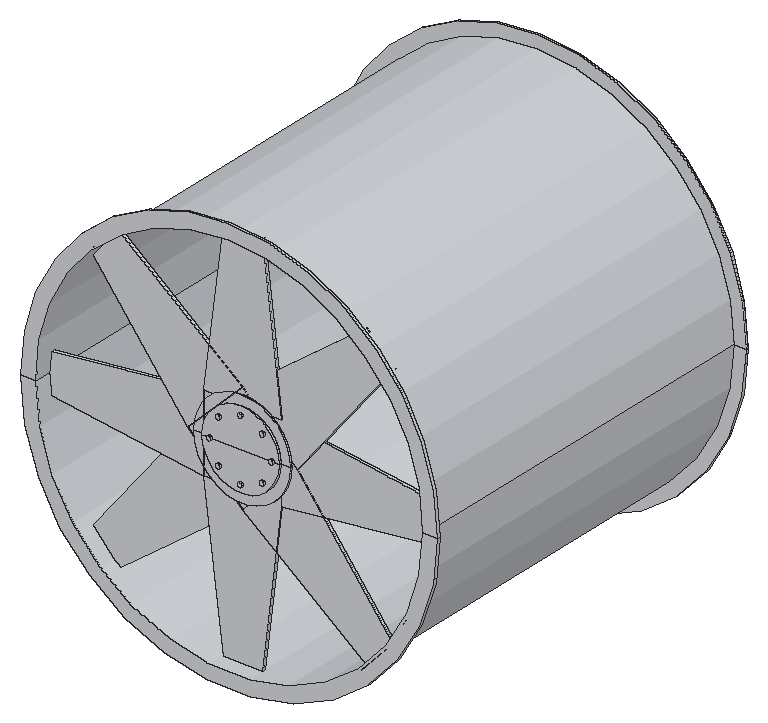
Revit family "CADS_Vent-Axia_MechEquip_Fan_BIFA_900_3Ph4P - SUPPLY", category Mechanical Equipment, Revit 2020
Family settings
  Round Connector Dimension = Use Diameter
  Part Type = Normal
  OmniClass Number = 23.75.00.00
  OmniClass Title = Climate Control (HVAC)
  Work Plane-Based = No
  Always vertical = Yes
  Cut with Voids When Loaded = No
  Shared = No
  Room Calculation Point = No
Parameters (values of type "BIFA903440")
  WorkingPressure = 0.0 Pa
  WarrantyStartDate [instance] = "1900-12-31T23:59:59"
  WarrantyPeriod = ""
  WarrantyIdentifier = "N/A"
  WarrantyGuarantorParts = "tech@vent-axia.com"
  WarrantyGuarantorLabor = "tech@vent-axia.com"
  WarrantyGuarantor = "Vent-Axia Limited"
  WarrantyEndDate [instance] = "1900-12-31T23:59:59"
  WarrantyContent = ""
  TemperatureRange = ""
  TagNumber [instance] = "N/A"
  SustainabilityPerformance = ""
  Status = "New"
  Size = ""
  Shape = ""
  ServiceLifeType = ""
  ServiceLifeDuration = ""
  SerialNumber [instance] = "N/A"
  ReplacementCost = ""
  RatedVoltage = 0 V
  RatedCurrent = 0 A
  Quantity = 1
  ProductionYear = ""
  PressureCurve = ""
  PowerFactor = ""
  PointOfContact = ""
  NumberOfPoles = 0
  NominalWidth = 900 mm
  NominalLength = 900 mm
  NominalHeight = 900 mm
  NominalFrequencyRange = ""
  NominalDiameter = 900 mm
  ModelReference = "BIF 900MM 3PH 4P 40DEG"
  ModelNumber = "BIFA903440"
  Material = ""
  ManufacturerE-Mail = "tech@vent-axia.com"
  ManufacturerAddress = "Fleming Way\nCrawley \nRH10 9YX"
  IsExtendedWarranty = no
  InsulationStandardClass = ""
  InstallationDate [instance] = "1900-12-31T23:59:59"
  IfcExportType [instance] = ""
  IfcExportAs = "IfcFanType"
  IP_Code = ""
  HasProtectiveEarth = no
  GrossWeight = 0.00 kg
  Grade = ""
  GlobalTradeItemNumber [instance] = "N/A"
  Fitting Type = "Ignore"
  Finish = ""
  Features = ""
  ExteriorInsulation = no
  ExpectedServiceLife = 0
  Exclusions = ""
  DurationUnit = "Year"
  Default Elevation = 0 mm
  Constituents = ""
  ConductorFunction = ""
  Color = ""
  CodePerformance = ""
  Category = ""
  CADS_Usage = 0
  CADS_Index = 0
  AssetType = "FIXED"
  AssetIdentifier [instance] = "N/A"
  AssemblyPlace = "UNKNOWN"
  ArticleNumber [instance] = "N/A"
  AirflowRateRange = 0.0 L/s
  Air Flow [instance] = 0.0 L/s
  AccessibilityPerformance = ""
Types (16, lengths in mm): name | ModelReference | ModelNumber
  BIFA903410 | "BIF 900MM 3PH 4P 10DEG" | "BIFA903410"
  BIFA903412 | "BIF 900MM 3PH 4P 12DEG" | "BIFA903412"
  BIFA903414 | "BIF 900MM 3PH 4P 14DEG" | "BIFA903414"
  BIFA903416 | "BIF 900MM 3PH 4P 16DEG" | "BIFA903416"
  BIFA903418 | "BIF 900MM 3PH 4P 18DEG" | "BIFA903418"
  BIFA903420 | "BIF 900MM 3PH 4P 20DEG" | "BIFA903420"
  BIFA903422 | "BIF 900MM 3PH 4P 22DEG" | "BIFA903422"
  BIFA903424 | "BIF 900MM 3PH 4P 24DEG" | "BIFA903424"
  BIFA903426 | "BIF 900MM 3PH 4P 26DEG" | "BIFA903426"
  BIFA903428 | "BIF 900MM 3PH 4P 28DEG" | "BIFA903428"
  BIFA903430 | "BIF 900MM 3PH 4P 30DEG" | "BIFA903430"
  BIFA903432 | "BIF 900MM 3PH 4P 32DEG" | "BIFA903432"
  BIFA903434 | "BIF 900MM 3PH 4P 34DEG" | "BIFA903434"
  BIFA903436 | "BIF 900MM 3PH 4P 36DEG" | "BIFA903436"
  BIFA903438 | "BIF 900MM 3PH 4P 38DEG" | "BIFA903438"
  BIFA903440 | "BIF 900MM 3PH 4P 40DEG" | "BIFA903440"
Reference planes
  plane 1 "Center (Front/Back)": y = 0
  plane 2: z = 0
  plane 3 "Center (Left/Right)": x = 0
  plane 4: x = -450
  plane 5: x = 450
  plane 6 "F": y = -450
  plane 7 "B": y = 450
  plane 8: x = -485
  plane 9: y = 445
  plane 10: y = -445
  plane 11: x = -455
  plane 12: y = -410
Forms (mm)
  Revolve 1, solid
    sketch origin (0, 0, 0) x (1, 0, 0) y (0, 1, 0)
      loop
        line (-485, -450) -> (-450, -450) -> (-450, 450) -> (-485, 450) -> (-485, 445) -> (-455, 445) -> (-455, -445) -> (-485, -445) -> (-485, -450)
      axis (0, 450) -> (0, -450)
    angle from 0 to 360
Dimensions and locks
  equal spacing: plane 4, plane 3 "Center (Left/Right)", plane 5
  equal spacing: plane 7 "B", plane 1 "Center (Front/Back)", plane 6 "F"
  "NominalLength": plane 7 "B" to plane 6 "F"
  "NominalDiameter": plane 4 to plane 5
  locked: plane 11 to plane 4 at 5
  locked: plane 8 to plane 11 at 30
  locked: plane 6 "F" to plane 10 at 5
  locked: plane 7 "B" to plane 9 at 5
  locked: plane 6 "F" to plane 12 at 40
  aligned and locked: level to plane 2
  aligned and locked: nested 1 to plane 12
Automatic sketch dimensions
  plane 6 "F" to Revolve 1 sketch curve = 0 mm
  Revolve 1 sketch curve to plane 8 = 0 mm  (x2)
  plane 10 to Revolve 1 sketch curve = 0 mm
  Revolve 1 sketch curve to plane 11 = 0 mm
  Revolve 1 sketch curve to plane 4 = 0 mm
  Revolve 1 sketch curve to plane 3 "Center (Left/Right)" = 0 mm
  plane 1 "Center (Front/Back)" to Revolve 1 sketch curve = 0 mm
  Revolve 1 sketch curve to plane 9 = 0 mm
  Revolve 1 sketch curve to plane 7 "B" = 0 mm
  plane 6 "F" to Revolve 1 sketch curve = 115 mm
Nested families
  nested 1: "Fan for BIFA" at (0, -410, 0), ND <- "NominalDiameter", type "Fan for BIFA"
    with hub 90 mm, ND 900 mm, BoltPCD 72 mm, Bolt Count 8, B_Diam 10 mm
  nested 2: "Bolts" at (0, -419.172, -72) x (-1, 0, 0) z (0, 1, 0), type "Bolts"
    with bd 10 mm
  nested 3: "Bolts" at (-50.912, -419.172, -50.912) x (-0.7071, 0, 0.7071) z (0, 1, 0), type "Bolts"
    with bd 10 mm
  nested 4: "Bolts" at (-72, -419.172, 0) x (0, 0, 1) z (0, 1, 0), type "Bolts"
    with bd 10 mm
  nested 5: "Bolts" at (-50.912, -419.172, 50.912) x (0.7071, 0, 0.7071) z (0, 1, 0), type "Bolts"
    with bd 10 mm
  nested 6: "Bolts" at (50.912, -419.172, 50.912) x (0.7071, 0, -0.7071) z (0, 1, 0), type "Bolts"
    with bd 10 mm
  nested 7: "Bolts" at (0, -419.172, 72) x (1, 0, 0) z (0, 1, 0), type "Bolts"
    with bd 10 mm
  nested 8: "BIFA Blade" at (0, -410, 0), type "BIFA Blade"
    with a 20.00°, HR 90 mm, HD 180 mm, BT 90 mm, BR 360 mm, BH 40 mm, BD 900 mm, BB 180 mm
  nested 9: "BIFA Blade" at (0, -410, 0) x (0.7071, 0, -0.7071) z (0.7071, 0, 0.7071), type "BIFA Blade"
    with a 20.00°, HR 90 mm, HD 180 mm, BT 90 mm, BR 360 mm, BH 40 mm, BD 900 mm, BB 180 mm
  nested 10: "BIFA Blade" at (0, -410, 0) x (0, 0, -1) z (1, 0, 0), type "BIFA Blade"
    with a 20.00°, HR 90 mm, HD 180 mm, BT 90 mm, BR 360 mm, BH 40 mm, BD 900 mm, BB 180 mm
  nested 11: "BIFA Blade" at (0, -410, 0) x (-0.7071, 0, -0.7071) z (0.7071, 0, -0.7071), type "BIFA Blade"
    with a 20.00°, HR 90 mm, HD 180 mm, BT 90 mm, BR 360 mm, BH 40 mm, BD 900 mm, BB 180 mm
  nested 12: "BIFA Blade" at (0, -410, 0) x (-1, 0, 0) z (0, 0, -1), type "BIFA Blade"
    with a 20.00°, HR 90 mm, HD 180 mm, BT 90 mm, BR 360 mm, BH 40 mm, BD 900 mm, BB 180 mm
  nested 13: "BIFA Blade" at (0, -410, 0) x (-0.7071, 0, -0.7071) z (-0.7071, 0, 0.7071), type "BIFA Blade"
    with a 20.00°, HR 90 mm, HD 180 mm, BT 90 mm, BR 360 mm, BH 40 mm, BD 900 mm, BB 180 mm
  nested 14: "BIFA Blade" at (0, -410, 0) x (0, 0, -1) z (-1, 0, 0), type "BIFA Blade"
    with a 20.00°, HR 90 mm, HD 180 mm, BT 90 mm, BR 360 mm, BH 40 mm, BD 900 mm, BB 180 mm
  nested 15: "BIFA Blade" at (0, -410, 0) x (0.7071, 0, -0.7071) z (-0.7071, 0, -0.7071), type "BIFA Blade"
    with a 20.00°, HR 90 mm, HD 180 mm, BT 90 mm, BR 360 mm, BH 40 mm, BD 900 mm, BB 180 mm
  nested 16: "Bolts" at (72, -419.172, 0) x (0, 0, -1) z (0, 1, 0), type "Bolts"
    with bd 10 mm
  nested 17: "Bolts" at (50.912, -419.172, -50.912) x (-0.7071, 0, -0.7071) z (0, 1, 0), type "Bolts"
    with bd 10 mm
Connectors
  hvac at (0, -450, 0), driven by "NominalDiameter", driven by "Air Flow"
    settings: on Revolve 1, index 1, duct flow 0.0 L/s, flow factor 0, pres drop 0.0 Pa, loss coef 0, conn angle 0.00°, conn width 304.8 mm, conn height 304.8 mm, conn diameter 900 mm, duct sys type 1, conn prof type 0, flow config 1, flow direction 1, loss method 0, conn ref index -1, conn util no, is conn primary yes, conn desc ""
  hvac at (0, 450, 0), driven by "NominalDiameter", driven by "Air Flow"
    settings: on Revolve 1, index 2, duct flow 0.0 L/s, flow factor 0, pres drop 0.0 Pa, loss coef 0, conn angle 0.00°, conn width 304.8 mm, conn height 304.8 mm, conn diameter 900 mm, duct sys type 1, conn prof type 0, flow config 0, flow direction 2, loss method 0, conn ref index -1, conn util no, is conn primary no, conn desc ""
Definition of nested family "Fan for BIFA"
  Parameters (values of type "Fan for BIFA")
    hub [instance] = ND / 10  # 50 mm
    ND [instance] = 500 mm
    Model = "."
    Default Elevation = 0 mm
    BoltPCD [instance] = hub - (hub * 0.2)  # 40 mm
    Bolt Count [instance] = if(hub < 50 mm, 6, 8)  # 8
    B_Diam [instance] = if(hub < 50 mm, 5 mm, 10 mm)  # 10 mm
  Reference planes
    plane 1 "Center (Front/Back)": y = 0
    plane 2: z = 0
    plane 3 "Center (Left/Right)": x = 0
    plane 4 "back": y = 20
    plane 5 "bolts": y = -9.172
    plane 6 "B": z = 50
    plane 7: x = -72.587
    plane 8: x = -50
    plane 9 "hubface": y = -6.172
  Forms (mm)
    Revolve 1, solid
      sketch origin (0, 0, 0) x (1, 0, 0) y (0, 1, 0)
        loop
          line (0, 20) -> (-50, 20) -> (-50, 10.504) -> (-72.587, 10.504) -> (-72.587, -2.597) -> (-50, -2.597) -> (-50, -6.172) -> (0, -6.172) -> (0, 20)
        axis (0, 20) -> (0, -6.172)
      angle from 0 to 360
    Extrusion 2, solid, not visible
      sketch origin (0, -6.347, -4) x (-1, 0, 0) y (0, 0, 1)
        loop
          circle (0, 84) r 5
      from 0 to 3
  Lines and regions (mm)
    symbolic lines
      curve 1: circle (0, -9.172, 0) r 40 normal (0, 1, 0)
    model lines, not visible
      curve 2: line (0, -6.347, 85) -> (0, -6.347, 75)
  Dimensions and locks
    "hub": plane 6 "B" to plane 2
    "hub": nested 3 to plane 3 "Center (Left/Right)"
    "hub": nested 4 to plane 3 "Center (Left/Right)"
    "hub": nested 5 to plane 3 "Center (Left/Right)"
    "hub": plane 3 "Center (Left/Right)" to nested 6
    "hub": Revolve 1 sketch curve to Revolve 1 sketch curve
    "hub": plane 3 "Center (Left/Right)" to nested 7
    "hub": plane 3 "Center (Left/Right)" to nested 8
    "hub": plane 3 "Center (Left/Right)" to nested 9
    "hub": plane 8 to plane 3 "Center (Left/Right)"
    plane 7 to plane 8 = 22.587 mm
    diameter of Extrusion 2 sketch curve = 10 mm
    "BoltPCD": radius of curve 1
    "BoltPCD": radius of radial array
    aligned and locked: level to plane 2
    aligned and locked: plane 6 "B" to nested 1
  Automatic sketch dimensions
    Revolve 1 sketch curve to plane 7 = 0 mm
    Revolve 1 sketch curve to plane 8 = 0 mm  (x2)
    Revolve 1 sketch curve to plane 3 "Center (Left/Right)" = 0 mm
    Revolve 1 sketch curve to plane 9 "hubface" = 0 mm
    plane 4 "back" to Revolve 1 sketch curve = 0 mm
    plane 1 "Center (Front/Back)" to Revolve 1 sketch curve = 2.597 mm
    plane 4 "back" to Revolve 1 sketch curve = 9.496 mm
    plane 4 "back" to Revolve 1 sketch curve = 5 mm
    Revolve 1 sketch curve to Revolve 1 sketch curve = 45 mm
    curve 1 to level = 0 mm
    curve 1 to plane 3 "Center (Left/Right)" = 0 mm
  Nested families
    nested 1: "BIFA Blade" at (0, 0, 25), BD <- "ND", HD <- "hub", type "BIFA Blade"
      with a 20.00°, HR 25 mm, HD 50 mm, BT 25 mm, BR 100 mm, BH 40 mm, BD 250 mm, BB 50 mm
    nested 2: "BIFA Blade" at (0, 0, 55), BD <- "ND", HD <- "hub", type "BIFA Blade", not visible
      with a 20.00°, HR 25 mm, HD 50 mm, BT 25 mm, BR 100 mm, BH 40 mm, BD 250 mm, BB 50 mm
    nested 3: "BIFA Blade" at (17.678, 0, 17.678) x (0.7071, 0, -0.7071) z (0.7071, 0, 0.7071), BD <- "ND", HD <- "hub", type "BIFA Blade"
      with a 20.00°, HR 25 mm, HD 50 mm, BT 25 mm, BR 100 mm, BH 40 mm, BD 250 mm, BB 50 mm
    nested 4: "BIFA Blade" at (25, 0, 0) x (0, 0, -1) z (1, 0, 0), BD <- "ND", HD <- "hub", type "BIFA Blade"
      with a 20.00°, HR 25 mm, HD 50 mm, BT 25 mm, BR 100 mm, BH 40 mm, BD 250 mm, BB 50 mm
    nested 5: "BIFA Blade" at (17.678, 0, -17.678) x (-0.7071, 0, -0.7071) z (0.7071, 0, -0.7071), BD <- "ND", HD <- "hub", type "BIFA Blade"
      with a 20.00°, HR 25 mm, HD 50 mm, BT 25 mm, BR 100 mm, BH 40 mm, BD 250 mm, BB 50 mm
    nested 6: "BIFA Blade" at (0, 0, -25) x (-1, 0, 0) z (0, 0, -1), BD <- "ND", HD <- "hub", type "BIFA Blade"
      with a 20.00°, HR 25 mm, HD 50 mm, BT 25 mm, BR 100 mm, BH 40 mm, BD 250 mm, BB 50 mm
    nested 7: "BIFA Blade" at (-17.678, 0, 17.678) x (-0.7071, 0, -0.7071) z (-0.7071, 0, 0.7071), BD <- "ND", HD <- "hub", type "BIFA Blade"
      with a 20.00°, HR 25 mm, HD 50 mm, BT 25 mm, BR 100 mm, BH 40 mm, BD 250 mm, BB 50 mm
    nested 8: "BIFA Blade" at (-25, 0, 0) x (0, 0, -1) z (-1, 0, 0), BD <- "ND", HD <- "hub", type "BIFA Blade"
      with a 20.00°, HR 25 mm, HD 50 mm, BT 25 mm, BR 100 mm, BH 40 mm, BD 250 mm, BB 50 mm
    nested 9: "BIFA Blade" at (-17.678, 0, -17.678) x (0.7071, 0, -0.7071) z (-0.7071, 0, -0.7071), BD <- "ND", HD <- "hub", type "BIFA Blade"
      with a 20.00°, HR 25 mm, HD 50 mm, BT 25 mm, BR 100 mm, BH 40 mm, BD 250 mm, BB 50 mm
    nested 10: "Bolts" at (0, -9.172, 40) x (1, 0, 0) z (0, 1, 0), bd <- "B_Diam", type "Bolts"
      with bd 10 mm
    nested 11: "Bolts" at (28.284, -9.172, 28.284) x (0.7071, 0, -0.7071) z (0, 1, 0), bd <- "B_Diam", type "Bolts"
      with bd 10 mm
    nested 12: "Bolts" at (-28.284, -9.172, 28.284) x (0.7071, 0, 0.7071) z (0, 1, 0), bd <- "B_Diam", type "Bolts"
      with bd 10 mm
    nested 13: "Bolts" at (-40, -9.172, 0) x (0, 0, 1) z (0, 1, 0), bd <- "B_Diam", type "Bolts"
      with bd 10 mm
    nested 14: "Bolts" at (-28.284, -9.172, -28.284) x (-0.7071, 0, 0.7071) z (0, 1, 0), bd <- "B_Diam", type "Bolts"
      with bd 10 mm
    nested 15: "Bolts" at (0, -9.172, -40) x (-1, 0, 0) z (0, 1, 0), bd <- "B_Diam", type "Bolts"
      with bd 10 mm
    nested 16: "Bolts" at (28.284, -9.172, -28.284) x (-0.7071, 0, -0.7071) z (0, 1, 0), bd <- "B_Diam", type "Bolts"
      with bd 10 mm
    nested 17: "Bolts" at (40, -9.172, 0) x (0, 0, -1) z (0, 1, 0), bd <- "B_Diam", type "Bolts"
      with bd 10 mm
  Definition of nested family "BIFA Blade"
    Parameters (values of type "BIFA Blade")
      a [instance] = 20.00°
      HR [instance] = HD / 2  # 30 mm
      HD [instance] = BD / 5  # 60 mm
      Default Elevation = 1219.2 mm
      BT [instance] = BD / 10  # 30 mm
      BR [instance] = (BD / 2) - HR  # 120 mm
      BH [instance] = 40 mm
      BD [instance] = 300 mm
      BB [instance] = BD / 5  # 60 mm
    Reference planes
      plane 1 "Center (Front/Back)": y = 0
      plane 2: z = 0
      plane 3 "Center (Left/Right)": x = 0
      plane 4 "Blade Bot": z = 30
      plane 5: x = -30
      plane 6: x = 30
      plane 7: x = -15
      plane 8: x = 15
    Forms (mm)
      Blend 1, solid
        base sketch origin (0, 0, 30) x (-1, 0, 0) y (0, -1, 0)
          loop
            line (30, 0) -> (-30, 0) -> (-30, -6) -> (30, -6) -> (30, 0)
        top sketch origin (0, 0, 30) x (-1, 0, 0) y (0, -1, 0)
          loop
            line (15, -6) -> (15, 0) -> (-15, 0) -> (-15, -6) -> (15, -6)
        from 0 to 120 <- "BR"
    Dimensions and locks
      "HR": plane 4 "Blade Bot" to level
      equal spacing: plane 8, plane 3 "Center (Left/Right)", plane 7
      "BT": plane 8 to plane 7
      equal spacing: plane 6, plane 3 "Center (Left/Right)", plane 5
      "BB": plane 6 to plane 5
      aligned and locked: level to plane 2
    Automatic sketch dimensions
      plane 1 "Center (Front/Back)" to Blend 1 sketch curve = 0 mm  (x2)
      Blend 1 sketch curve to plane 6 = 0 mm
      Blend 1 sketch curve to plane 5 = 0 mm
      Blend 1 sketch curve to plane 1 "Center (Front/Back)" = 6 mm  (x2)
      Blend 1 sketch curve to plane 8 = 0 mm
      Blend 1 sketch curve to plane 7 = 0 mm
  Definition of nested family "Bolts"
    Parameters
      bd [instance] = 10 mm
      Default Elevation = 1219.2 mm
    Reference planes
      plane 1 "Center (Front/Back)": y = 0
      plane 2: z = 0
      plane 3 "Center (Left/Right)": x = 0
    Forms (mm)
      Extrusion 1, solid
        sketch origin (0, 0, 0) x (1, 0, 0) y (0, 1, 0)
          loop
            line (-1219.2, 1219.2) -> (-1219.2, -1219.2) -> (1219.2, -1219.2) -> (1219.2, 1219.2) -> (-1219.2, 1219.2)
        from 0 to -304.8
      Extrusion 2, solid
        sketch origin (0, 0, 0) x (1, 0, 0) y (0, 1, 0)
          loop
            circle (0, 0) r 5
        from 0 to 3
    Dimensions and locks
      "bd": diameter of Extrusion 2 sketch curve
      aligned and locked: plane 2 to Extrusion 1
      aligned and locked: level to Extrusion 1
    Automatic sketch dimensions
      Extrusion 1 sketch curve to Extrusion 1 sketch curve = 2438.4 mm  (x2)
      plane 1 "Center (Front/Back)" to Extrusion 2 sketch curve = 0 mm
      Extrusion 2 sketch curve to plane 3 "Center (Left/Right)" = 0 mm
Definition of nested family "Bolts"
  Parameters
    bd [instance] = 10 mm
    Default Elevation = 1219.2 mm
  Reference planes
    plane 1 "Center (Front/Back)": y = 0
    plane 2: z = 0
    plane 3 "Center (Left/Right)": x = 0
  Forms (mm)
    Extrusion 1, solid
      sketch origin (0, 0, 0) x (1, 0, 0) y (0, 1, 0)
        loop
          line (-1219.2, 1219.2) -> (-1219.2, -1219.2) -> (1219.2, -1219.2) -> (1219.2, 1219.2) -> (-1219.2, 1219.2)
      from 0 to -304.8
    Extrusion 2, solid
      sketch origin (0, 0, 0) x (1, 0, 0) y (0, 1, 0)
        loop
          circle (0, 0) r 5
      from 0 to 3
  Dimensions and locks
    "bd": diameter of Extrusion 2 sketch curve
    aligned and locked: plane 2 to Extrusion 1
    aligned and locked: level to Extrusion 1
  Automatic sketch dimensions
    Extrusion 1 sketch curve to Extrusion 1 sketch curve = 2438.4 mm  (x2)
    plane 1 "Center (Front/Back)" to Extrusion 2 sketch curve = 0 mm
    Extrusion 2 sketch curve to plane 3 "Center (Left/Right)" = 0 mm
Definition of nested family "BIFA Blade"
  Parameters (values of type "BIFA Blade")
    a [instance] = 20.00°
    HR [instance] = HD / 2  # 30 mm
    HD [instance] = BD / 5  # 60 mm
    Default Elevation = 1219.2 mm
    BT [instance] = BD / 10  # 30 mm
    BR [instance] = (BD / 2) - HR  # 120 mm
    BH [instance] = 40 mm
    BD [instance] = 300 mm
    BB [instance] = BD / 5  # 60 mm
  Reference planes
    plane 1 "Center (Front/Back)": y = 0
    plane 2: z = 0
    plane 3 "Center (Left/Right)": x = 0
    plane 4 "Blade Bot": z = 30
    plane 5: x = -30
    plane 6: x = 30
    plane 7: x = -15
    plane 8: x = 15
  Forms (mm)
    Blend 1, solid
      base sketch origin (0, 0, 30) x (-1, 0, 0) y (0, -1, 0)
        loop
          line (30, 0) -> (-30, 0) -> (-30, -6) -> (30, -6) -> (30, 0)
      top sketch origin (0, 0, 30) x (-1, 0, 0) y (0, -1, 0)
        loop
          line (15, -6) -> (15, 0) -> (-15, 0) -> (-15, -6) -> (15, -6)
      from 0 to 120 <- "BR"
  Dimensions and locks
    "HR": plane 4 "Blade Bot" to level
    equal spacing: plane 8, plane 3 "Center (Left/Right)", plane 7
    "BT": plane 8 to plane 7
    equal spacing: plane 6, plane 3 "Center (Left/Right)", plane 5
    "BB": plane 6 to plane 5
    aligned and locked: level to plane 2
  Automatic sketch dimensions
    plane 1 "Center (Front/Back)" to Blend 1 sketch curve = 0 mm  (x2)
    Blend 1 sketch curve to plane 6 = 0 mm
    Blend 1 sketch curve to plane 5 = 0 mm
    Blend 1 sketch curve to plane 1 "Center (Front/Back)" = 6 mm  (x2)
    Blend 1 sketch curve to plane 8 = 0 mm
    Blend 1 sketch curve to plane 7 = 0 mm
